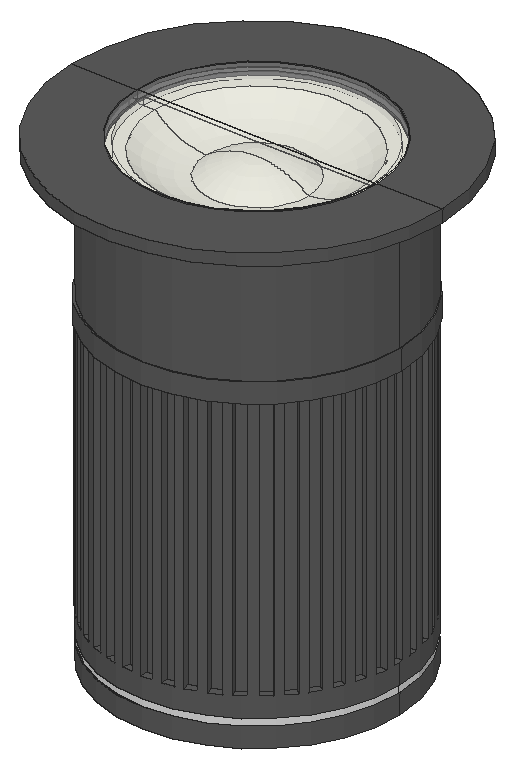
Revit family "STH7706_30", category Luminárias, Revit 2023
Family settings
  Hospedeiro = Piso
  Cota do conector redondo = Utilizar diâmetro
  Tipo de parte = Normal
  Sempre na vertical = Sim
  Corte com vazios quando carregada = Sim
  Fonte luminosa = Sim
  Manter orientação da anotação = Não
  Compartilhado = Não
  Ponto de cálculo do ambiente = Não
Parameters (values of type "STH7706/30 - BIVOLT")
  Ângulo de inclinação = -90.00°
  Ângulo de Abertura = "30°"
  Wattage = 2.15427 W
  Vidro = Vidro
  URL = "https://stella.com.br/"
  Troca de temperatura da cor de lâmpada com esmaecimento = <Nenhum>
  Tensão Elétrica = "100V-240V"
  built-in parameter 1150107 = 3000 (stored number, unit not read)
  Temperatura da cor (K) = 3000 K
  Silicone = Borracha Silicone
  Referência = "STH7706/30"
  Potência = 5 W
  built-in parameter 1150110 = 1 (stored number, unit not read)
  built-in parameter 1150109 = 1 (stored number, unit not read)
  built-in parameter 1114218 = 1 (stored number, unit not read)
  built-in parameter 1150112 = 1 (stored number, unit not read)
  built-in parameter 1150113 = 1 (stored number, unit not read)
  built-in parameter 1150142 = "IESNA:LM-63-2002\r\n[TEST] Viso LabSpion - serial: 0680502858 sensor serial: 0945471843\r\n[TESTLAB] Viso LabSpion - serial: 0680502858 sensor serial: 0945471843 - Test lab\r\n[MANUFAC] N/A\r\n[ISSUEDATE] 28/10/2019\r\n[LUMINAIRE] STELLA - STH7706/30 - FOCCO 30° 5W\r\n[LUMCAT] N/A\r\n[_SERIALNUMBER] VFR-191028-2181-MS\r\nTILT=NONE\r\n1 311 1 181 9 1 2 0 0 0\r\n1.0 1.0 4.54\r\n0 1 2 3 4 5 6 7 8 9 10 11 12 13 14 15 16 17 18 19 20 21 22 23 24 25 26 27 28 29 30 31 32 33 34 35 36 37 38 39 40 41 42 43 44 45 46 47 48 49 50 51 52 53 54 55 56 57 58 59 60 61 62 63 64 65 66 67 68 69 70 71 72 73 74 75 76 77 78 79 80\r\n 81 82 83 84 85 86 87 88 89 90 91 92 93 94 95 96 97 98 99 100 101 102 103 104 105 106 107 108 109 110 111 112 113 114 115 116 117 118 119 120 121 122 123 124 125 126 127 128 129 130 131 132 133 134 135 136 137 138 139 140 141 142 143\r\n 144 145 146 147 148 149 150 151 152 153 154 155 156 157 158 159 160 161 162 163 164 165 166 167 168 169 170 171 172 173 174 175 176 177 178 179 180\r\n0 45 90 135 180 225 270 315 360 \r\n1153.6315 1153.2788 1146.6272 1132.4139 1106.5133 1068.7607 1019.3267 957.5249 887.7401 812.6593 738.6121 668.1091 599.5132 536.9813 476.5457 422.4468 376.207 336.0536 302.4696 274.7859 250.2204 228.8304 209.5594 192.8639 177.5214\r\n 162.9468 149.02 135.03 121.5523 109.0164 97.6735 87.164 77.3769 68.947 61.4623 54.4858 48.1021 42.3354 37.2467 33.3363 30.2165 27.8834 25.8041 24.07 22.4341 21.1773 19.9137 18.4435 17.2411 16.0454 14.8015 13.7179 12.7469 11.9417 10.9825\r\n 10.0866 9.2604 8.3927 8.0151 7.1495 6.2867 5.8409 5.4443 4.7853 4.2322 3.7903 3.3963 3.1589 3.0065 2.8455 2.7385 2.5545 2.2738 2.1589 1.9463 1.7245 1.4256 1.3707 1.2606 0.9604 1.0188 0.9753 0.8139 0.6523 0.6275 0.603 0.4913 0.4473\r\n 0.4047 0.4333 0.3271 0.2245 0.3318 0.3631 0.361 0.4322 0.3608 0.3776 0.424 0.4507 0.4859 0.4179 0.3773 0.3356 0.4274 0.4036 0 0 0 0 0 0 0 0 0 0 0 0 0 0 0 0 0 0 0 0 0 0 0 0 0 0 0 0 0 0 0 0 0 0 0 0 0 0 0 0 0 0 0 0 0 0 0 0 0 0 0 0 0\r\n 0 0 0 0 0 0 0 0 0 0 0 0 0 0 0 0 0 0 0 0 0 0\r\n1153.6315 1156.1088 1145.4391 1128.3636 1102.8699 1067.0349 1019.6383 957.9495 884.0333 806.8849 729.7393 655.5311 586.2174 522.4473 464.3479 411.9801 365.8395 325.1938 289.8398 260.0909 234.2798 211.7467 192.3616 175.1298 159.0296\r\n 144.5435 131.492 118.9704 106.5982 95.0039 84.8228 75.4413 66.9479 59.6515 53.3081 47.5504 42.4247 37.8173 34.0764 30.9231 28.2396 26.4295 24.3525 22.8993 21.7008 19.9624 18.5036 17.1397 16.0172 15.0265 14.0046 12.9674 11.932 11.2812\r\n 10.4722 9.6457 8.7548 7.9758 7.4453 6.745 6.1562 5.709 5.1155 4.6188 4.2811 3.9015 3.5493 3.2658 3.103 2.9122 2.6524 2.2818 2.0122 1.8992 1.8866 1.7289 1.7198 1.5518 1.2972 0.9663 0.8341 0.8918 0.7525 0.791 0.6163 0.5081 0.5743 0.4704\r\n 0.315 0.382 0.4376 0.3247 0.3661 0.507 0.3924 0.3442 0.2989 0.4443 0.3346 0.3992 0.411 0.4183 0.4321 0.3348 0.3168 0.1672 0 0 0 0 0 0 0 0 0 0 0 0 0 0 0 0 0 0 0 0 0 0 0 0 0 0 0 0 0 0 0 0 0 0 0 0 0 0 0 0 0 0 0 0 0 0 0 0 0 0 0 0 0 0\r\n 0 0 0 0 0 0 0 0 0 0 0 0 0 0 0 0 0 0 0 0 0\r\n1153.6315 1161.4717 1151.3066 1132.6936 1105.2271 1067.7354 1020.179 960.5773 886.7321 807.5344 727.5975 651.3357 579.0128 512.8495 454.2499 402.2218 356.0015 313.833 276.1192 242.8823 212.6844 187.0526 165.4177 145.9819 128.8069 113.609\r\n 100.2318 88.5881 78.1212 68.9046 61.1245 53.8438 47.0957 40.937 35.6502 31.2739 27.7635 25.0473 22.8419 21.0405 19.5328 18.4663 17.2422 16.2872 15.4897 14.4828 13.8642 13.2314 12.7046 11.8098 11.2002 10.359 10.008 9.8642 8.8944 8.594\r\n 8.2257 7.3992 7.0387 6.4086 6.0592 5.6513 5.125 4.7346 4.4063 3.8845 3.6108 3.2617 3.0477 2.6215 2.4036 2.4421 2.2231 1.9334 1.6279 1.6009 1.4546 1.2642 1.1551 1.0626 0.984 0.9048 0.83 0.7911 0.642 0.5082 0.4568 0.5085 0.4676 0.3917\r\n 0.4191 0.4378 0.4155 0.399 0.4754 0.3963 0.4632 0.3688 0.3861 0.4446 0.4272 0.4476 0.3363 0.2833 0.3518 0.3212 0 0 0 0 0 0 0 0 0 0 0 0 0 0 0 0 0 0 0 0 0 0 0 0 0 0 0 0 0 0 0 0 0 0 0 0 0 0 0 0 0 0 0 0 0 0 0 0 0 0 0 0 0 0 0 0 0 0 0 0\r\n 0 0 0 0 0 0 0 0 0 0 0 0 0 0 0\r\n1153.6315 1132.8801 1111.547 1080.657 1039.9962 986.6181 922.3205 850.6584 773.0618 695.8438 623.0975 555.4742 493.7152 437.5084 388.5163 344.7322 303.7578 268.4221 237.813 210.754 187.6875 167.5772 149.9276 135.0172 121.1094 108.3079\r\n 96.6366 85.8153 76.0757 67.481 60.114 53.6822 47.4573 41.6032 36.4371 31.9352 27.9919 25.2714 22.8603 20.983 19.4056 18.304 17.2939 16.3631 15.4433 14.5682 13.8931 13.1118 12.3296 11.5034 11.0792 10.4832 9.9328 9.3854 8.7523 8.1841\r\n 7.4302 6.9465 6.6577 5.9838 5.5411 5.1671 4.4635 4.1994 3.7324 3.2138 3.0683 2.842 2.949 2.3698 2.2846 2.1046 1.9093 1.705 1.5797 1.4918 1.3037 1.1434 1.0761 0.8728 0.677 0.668 0.5739 0.5652 0.6251 0.6208 0.4113 0.4027 0.3968 0.3954\r\n 0.4585 0.4513 0.3642 0.3765 0.3701 0.3869 0.3896 0.3649 0.3967 0.4529 0.4503 0.387 0.5278 0.4779 0.5289 0.3342 0 0 0 0 0 0 0 0 0 0 0 0 0 0 0 0 0 0 0 0 0 0 0 0 0 0 0 0 0 0 0 0 0 0 0 0 0 0 0 0 0 0 0 0 0 0 0 0 0 0 0 0 0 0 0 0 0 0 0 0\r\n 0 0 0 0 0 0 0 0 0 0 0 0 0 0 0\r\n1153.6315 1146.1307 1130.7388 1106.8243 1071.8676 1025.9535 969.7051 906.5657 835.3378 761.3889 690.14 622.1818 558.5232 497.933 442.6736 394.5328 351.1715 312.756 280.8767 252.9462 229.2743 209.4118 192.0735 176.3739 161.2746 147.3923\r\n 134.3233 121.6088 109.4834 98.0629 87.5452 78.0071 69.5044 61.8911 55.1143 48.8544 42.9558 37.567 33.3416 29.986 27.5216 25.1941 23.2475 21.8059 20.3515 18.9655 17.8026 16.7448 15.3511 14.1291 13.4085 12.6399 11.3852 10.6906 9.8693\r\n 8.6568 8.1796 7.6063 6.9916 6.3654 5.9136 5.5197 4.8167 4.1913 3.7719 3.5291 3.1848 3.0692 2.9175 2.6268 2.3708 2.1254 2.0496 2.0172 1.7338 1.5233 1.4251 1.4275 1.2094 1.0549 0.9505 0.7498 0.6162 0.5567 0.5049 0.4624 0.5692 0.4829\r\n 0.5156 0.5125 0.4086 0.4625 0.4041 0.2433 0.2427 0.4246 0.392 0.3705 0.3828 0.3912 0.435 0.3637 0.3627 0.347 0.3324 0.3698 0 0 0 0 0 0 0 0 0 0 0 0 0 0 0 0 0 0 0 0 0 0 0 0 0 0 0 0 0 0 0 0 0 0 0 0 0 0 0 0 0 0 0 0 0 0 0 0 0 0 0 0 0 0\r\n 0 0 0 0 0 0 0 0 0 0 0 0 0 0 0 0 0 0 0 0 0\r\n1153.6315 1149.3195 1132.5496 1107.5612 1070.5449 1021.9287 962.8441 895.2469 823.1248 748.0366 673.5905 604.6724 540.777 480.8392 427.1006 380.019 337.3606 300.3413 268.7369 239.919 215.4324 194.8115 177.3613 161.5013 146.945 133.5594\r\n 120.2038 107.873 96.3758 85.7424 76.2327 67.7195 59.9967 53.0573 46.8311 41.361 36.5597 32.6284 29.3653 26.7273 24.7195 23.1734 21.6336 20.1447 18.7582 17.2306 16.1687 15.2155 14.221 13.3527 12.4551 11.6486 10.8452 9.8777 9.1215 8.2804\r\n 7.7105 6.9738 6.745 6.1139 5.597 4.8516 4.3178 3.8731 3.7066 3.516 3.1849 2.9757 2.7673 2.306 2.3177 2.2096 2.1994 1.7923 1.7042 1.5259 1.4421 1.2059 0.9541 0.9389 0.7215 0.4823 0.6505 0.6347 0.5321 0.55 0.5715 0.6039 0.5118 0.3853\r\n 0.3499 0.326 0.3107 0.4303 0.4065 0.2909 0.3706 0.422 0.4148 0.342 0.3058 0.3338 0.3742 0.3682 0.2996 0.3634 0 0 0 0 0 0 0 0 0 0 0 0 0 0 0 0 0 0 0 0 0 0 0 0 0 0 0 0 0 0 0 0 0 0 0 0 0 0 0 0 0 0 0 0 0 0 0 0 0 0 0 0 0 0 0 0 0 0 0 0 0\r\n 0 0 0 0 0 0 0 0 0 0 0 0 0 0\r\n1153.6315 1141.8599 1117.8405 1083.8699 1039.4535 983.4611 915.4742 838.3505 760.1216 681.851 607.5083 541.7869 481.4806 426.6258 377.5092 334.0992 296.0207 262.0643 230.5238 202.4281 177.1366 155.3022 136.9862 120.993 106.7295 93.5975\r\n 81.3668 70.6967 61.5981 53.5747 46.645 40.7723 35.7231 31.5455 28.2172 25.6369 23.3554 21.4635 19.652 18.2486 17.1387 16.2301 15.2742 14.2042 13.6234 12.9805 12.4436 11.6985 11.3696 10.8417 10.1478 9.8019 9.4113 8.7965 8.3775 7.6559\r\n 7.0637 6.5532 6.1428 5.6231 5.2168 4.6133 4.0402 3.9226 3.6268 3.3349 3.1508 2.8207 2.4987 2.484 2.2793 2.118 1.8888 1.7466 1.5854 1.4216 1.2831 1.293 1.1032 0.9312 0.9217 0.7172 0.6653 0.6381 0.5032 0.4691 0.4563 0.363 0.3922 0.368\r\n 0.3385 0.3492 0.3875 0.3917 0.406 0.4468 0.4463 0.4201 0.4356 0.3433 0.3959 0.4103 0.3179 0.323 0.4153 0.3538 0 0 0 0 0 0 0 0 0 0 0 0 0 0 0 0 0 0 0 0 0 0 0 0 0 0 0 0 0 0 0 0 0 0 0 0 0 0 0 0 0 0 0 0 0 0 0 0 0 0 0 0 0 0 0 0 0 0 0 0\r\n 0 0 0 0 0 0 0 0 0 0 0 0 0 0 0\r\n1153.6315 1153.5824 1149.608 1135.6107 1110.5103 1073.3116 1023.3078 960.1147 889.9871 815.317 738.9904 664.2277 591.771 525.764 466.48 413.7556 366.9451 326.0882 290.6643 258.4407 228.6175 203.095 181.5212 162.8475 146.2572 131.3185\r\n 117.8523 105.4901 94.0078 83.3815 73.9972 65.4722 57.7599 50.4919 44.0909 38.7474 34.0418 30.282 27.2021 24.5808 22.9652 21.1898 19.7548 18.6415 17.5886 16.7067 15.6515 14.877 14.159 13.558 12.3471 11.8049 11.0826 10.5598 9.7552 9.2\r\n 8.2882 8.0008 7.1441 6.5759 6.0533 5.7836 5.166 4.5283 4.0862 3.8412 3.482 3.1731 3.0204 2.8822 2.6497 2.3492 2.2179 2.0997 1.8152 1.6214 1.5344 1.4849 1.3205 1.1918 1.0174 0.865 0.7901 0.6624 0.6548 0.5914 0.4673 0.5575 0.5646 0.4425\r\n 0.3646 0.4823 0.421 0.4757 0.4584 0.3558 0.4628 0.3529 0.4173 0.3447 0.4889 0.3666 0.3928 0.3356 0.4382 0.3062 0 0 0 0 0 0 0 0 0 0 0 0 0 0 0 0 0 0 0 0 0 0 0 0 0 0 0 0 0 0 0 0 0 0 0 0 0 0 0 0 0 0 0 0 0 0 0 0 0 0 0 0 0 0 0 0 0 0 0 0\r\n 0 0 0 0 0 0 0 0 0 0 0 0 0 0 0\r\n1153.6315 1153.2788 1146.6272 1132.4139 1106.5133 1068.7607 1019.3267 957.5249 887.7401 812.6593 738.6121 668.1091 599.5132 536.9813 476.5457 422.4468 376.207 336.0536 302.4696 274.7859 250.2204 228.8304 209.5594 192.8639 177.5214\r\n 162.9468 149.02 135.03 121.5523 109.0164 97.6735 87.164 77.3769 68.947 61.4623 54.4858 48.1021 42.3354 37.2467 33.3363 30.2165 27.8834 25.8041 24.07 22.4341 21.1773 19.9137 18.4435 17.2411 16.0454 14.8015 13.7179 12.7469 11.9417 10.9825\r\n 10.0866 9.2604 8.3927 8.0151 7.1495 6.2867 5.8409 5.4443 4.7853 4.2322 3.7903 3.3963 3.1589 3.0065 2.8455 2.7385 2.5545 2.2738 2.1589 1.9463 1.7245 1.4256 1.3707 1.2606 0.9604 1.0188 0.9753 0.8139 0.6523 0.6275 0.603 0.4913 0.4473\r\n 0.4047 0.4333 0.3271 0.2245 0.3318 0.3631 0.361 0.4322 0.3608 0.3776 0.424 0.4507 0.4859 0.4179 0.3773 0.3356 0.4274 0.4036 0 0 0 0 0 0 0 0 0 0 0 0 0 0 0 0 0 0 0 0 0 0 0 0 0 0 0 0 0 0 0 0 0 0 0 0 0 0 0 0 0 0 0 0 0 0 0 0 0 0 0 0 0\r\n 0 0 0 0 0 0 0 0 0 0 0 0 0 0 0 0 0 0 0 0 0 0\r\n"
  built-in parameter 1150132 = 2
  built-in parameter 1150137 = (empty or 0)
  Modelo = "Focco 30°"
  Luminoso = Luminoso - 3000K
  built-in parameter 1150106 = 11.951 (stored number, unit not read)
  built-in parameter 1150102 = (empty or 0)
  built-in parameter 1150105 = 1195.1 (stored number, unit not read)
  IRC (Índice de reprodução de cores) = ">80"
  Grau de proteção (IP) = "IP67"
  Fluxo Luminoso = 320 lm
  Color Filter = 16777215
  built-in parameter 1114217 = 1 (stored number, unit not read)
  built-in parameter 1150139 = (empty or 0)
  Fabricante = "Stella"
  Estrutura = Al - Preto
  Default Elevation = 0 m
  built-in parameter 1150104 = 13.8 (stored number, unit not read)
  Diâmetro = 0.065 m
  Dimerização = "Não dimerizável"
  built-in parameter 1150115 = 1 (stored number, unit not read)
  built-in parameter 1150114 = 1 (stored number, unit not read)
  Lumens = 320 lm
  built-in parameter 1150138 = (empty or 0)
  built-in parameter 1150134 = (empty or 0)
  Arquivo de rede fotométrica = "STELLA - STH7706-30 - FOCCO 30° 5W.ies"
  Altura = 0.082 m
  built-in parameter 1150133 = 10 (stored number, unit not read)
Reference planes (m)
  plane 1 "Centro (Frente/Trás)": y = 0
  plane 2: z = 0
  plane 3 "Centro (Esquerda/Direita)": x = 0
  plane 4: y = 0.0325
  plane 5: y = -0.0325
  plane 6: x = -0.0325
  plane 7: x = 0.0325
  plane 8: z = 0.0021
  plane 9 "Inferior": z = -0.0799
Forms (m)
  Revolve 1, solid, material "Al - Preto" <- "Estrutura"
    sketch origin (0, 0, 0) x (1, 0, 0) y (0, 0, 1)
      loop
        line (0.025, -0.0799) -> (0.025, -0.0257) -> (0.02102, -0.0257) -> (0.02102, -0.077202) -> (0, -0.077202) -> (0, -0.0799) -> (0.025, -0.0799)
      axis (0, -0.0257) -> (0, -0.0799)
    angle from 0 to 360
  Extrusion 2, void
    sketch origin (0, 0, 0) x (1, 0, 0) y (0, 1, 0)
      loop
        line (-0.018744, 0.017007) -> (-0.017546, 0.01592) -> (-0.016206, 0.01726) -> (-0.017312, 0.018438) -> (-0.018744, 0.017007)
      loop
        line (-0.016194, 0.01945) -> (-0.015159, 0.018207) -> (-0.013646, 0.019347) -> (-0.014578, 0.020668) -> (-0.016194, 0.01945)
      loop
        line (-0.01333, 0.021515) -> (-0.012478, 0.02014) -> (-0.01082, 0.021058) -> (-0.011559, 0.022496) -> (-0.01333, 0.021515)
      loop
        line (-0.010206, 0.023161) -> (-0.009553, 0.02168) -> (-0.007784, 0.022359) -> (-0.008316, 0.023886) -> (-0.010206, 0.023161)
      loop
        line (-0.006883, 0.024356) -> (-0.006443, 0.022799) -> (-0.004597, 0.023225) -> (-0.004911, 0.024811) -> (-0.006883, 0.024356)
      loop
        line (-0.003426, 0.025076) -> (-0.003207, 0.023473) -> (-0.00132, 0.023639) -> (-0.00141, 0.025253) -> (-0.003426, 0.025076)
      loop
        line (0.000097, 0.025309) -> (0.000091, 0.023691) -> (0.001983, 0.023592) -> (0.002118, 0.025203) -> (0.000097, 0.025309)
      loop
        line (0.003618, 0.025049) -> (0.003387, 0.023448) -> (0.005247, 0.023087) -> (0.005605, 0.024663) -> (0.003618, 0.025049)
      loop
        line (0.007069, 0.024302) -> (0.006617, 0.022749) -> (0.008409, 0.022132) -> (0.008983, 0.023643) -> (0.007069, 0.024302)
      loop
        line (0.010383, 0.023082) -> (0.009719, 0.021606) -> (0.011407, 0.020746) -> (0.012186, 0.022163) -> (0.010383, 0.023082)
      loop
        line (0.013494, 0.021412) -> (0.012631, 0.020043) -> (0.014184, 0.018956) -> (0.015152, 0.020251) -> (0.013494, 0.021412)
      loop
        line (0.016343, 0.019326) -> (0.015298, 0.01809) -> (0.016684, 0.016798) -> (0.017823, 0.017945) -> (0.016343, 0.019326)
      loop
        line (0.021037, 0.014072) -> (0.019692, 0.013173) -> (0.020668, 0.011549) -> (0.022079, 0.012337) -> (0.021037, 0.014072)
      loop
        line (0.018873, 0.016863) -> (0.017667, 0.015785) -> (0.018859, 0.014313) -> (0.020147, 0.01529) -> (0.018873, 0.016863)
      loop
        line (0.02279, 0.011008) -> (0.021333, 0.010304) -> (0.022074, 0.00856) -> (0.023581, 0.009144) -> (0.02279, 0.011008)
      loop
        line (0.024942, 0.004299) -> (0.023347, 0.004025) -> (0.023578, 0.002144) -> (0.025188, 0.00229) -> (0.024942, 0.004299)
      loop
        line (0.0241, 0.007729) -> (0.02256, 0.007235) -> (0.02305, 0.005404) -> (0.024624, 0.005774) -> (0.0241, 0.007729)
      loop
        line (0.025297, 0.000786) -> (0.02368, 0.000736) -> (0.023647, -0.001158) -> (0.025262, -0.001237) -> (0.025297, 0.000786)
      loop
        line (0.024534, -0.006217) -> (0.022966, -0.00582) -> (0.022412, -0.007631) -> (0.023942, -0.008153) -> (0.024534, -0.006217)
      loop
        line (0.02516, -0.002742) -> (0.023552, -0.002567) -> (0.023256, -0.004438) -> (0.024844, -0.004741) -> (0.02516, -0.002742)
      loop
        line (0.02343, -0.009571) -> (0.021932, -0.008959) -> (0.021131, -0.010676) -> (0.022575, -0.011405) -> (0.02343, -0.009571)
      loop
        line (0.019884, -0.015658) -> (0.018613, -0.014657) -> (0.01737, -0.016087) -> (0.018556, -0.017186) -> (0.019884, -0.015658)
      loop
        line (0.02187, -0.012739) -> (0.020472, -0.011924) -> (0.01944, -0.013513) -> (0.020768, -0.014436) -> (0.02187, -0.012739)
      loop
        line (0.017512, -0.018273) -> (0.016392, -0.017105) -> (0.014962, -0.018348) -> (0.015984, -0.019601) -> (0.017512, -0.018273)
      loop
        line (0.011796, -0.022392) -> (0.011042, -0.020961) -> (0.009325, -0.021762) -> (0.009962, -0.023248) -> (0.011796, -0.022392)
      loop
        line (0.014798, -0.020533) -> (0.013852, -0.01922) -> (0.012263, -0.020252) -> (0.0131, -0.021635) -> (0.014798, -0.020533)
      loop
        line (0.008565, -0.023816) -> (0.008018, -0.022294) -> (0.006206, -0.022848) -> (0.006629, -0.024408) -> (0.008565, -0.023816)
      loop
        line (0.001669, -0.025254) -> (0.001562, -0.02364) -> (-0.000332, -0.023673) -> (-0.000355, -0.02529) -> (0.001669, -0.025254)
      loop
        line (0.005167, -0.024776) -> (0.004837, -0.023193) -> (0.002965, -0.023489) -> (0.003168, -0.025093) -> (0.005167, -0.024776)
      loop
        line (-0.001862, -0.025241) -> (-0.001743, -0.023627) -> (-0.003624, -0.023396) -> (-0.003871, -0.024994) -> (-0.001862, -0.025241)
      loop
        line (-0.008747, -0.02375) -> (-0.008188, -0.022232) -> (-0.009932, -0.021491) -> (-0.010611, -0.022959) -> (-0.008747, -0.02375)
      loop
        line (-0.005357, -0.024736) -> (-0.005015, -0.023155) -> (-0.006845, -0.022664) -> (-0.007312, -0.024212) -> (-0.005357, -0.024736)
      loop
        line (-0.011968, -0.022301) -> (-0.011203, -0.020876) -> (-0.012827, -0.0199) -> (-0.013703, -0.021259) -> (-0.011968, -0.022301)
      loop
        line (-0.017651, -0.018139) -> (-0.016523, -0.016979) -> (-0.017815, -0.015593) -> (-0.019031, -0.016658) -> (-0.017651, -0.018139)
      loop
        line (-0.014955, -0.020419) -> (-0.013999, -0.019113) -> (-0.015471, -0.017921) -> (-0.016528, -0.019145) -> (-0.014955, -0.020419)
      loop
        line (-0.020004, -0.015505) -> (-0.018725, -0.014514) -> (-0.019812, -0.012962) -> (-0.021165, -0.013847) -> (-0.020004, -0.015505)
      loop
        line (-0.023503, -0.009391) -> (-0.022, -0.008791) -> (-0.022617, -0.006999) -> (-0.024162, -0.007477) -> (-0.023503, -0.009391)
      loop
        line (-0.021967, -0.012571) -> (-0.020563, -0.011767) -> (-0.021423, -0.010079) -> (-0.022886, -0.010767) -> (-0.021967, -0.012571)
      loop
        line (-0.024581, -0.006029) -> (-0.02301, -0.005643) -> (-0.023371, -0.003783) -> (-0.024967, -0.004042) -> (-0.024581, -0.006029)
      loop
        line (-0.02529, 0.00098) -> (-0.023674, 0.000918) -> (-0.023509, 0.002805) -> (-0.025114, 0.002997) -> (-0.02529, 0.00098)
      loop
        line (-0.025181, -0.002549) -> (-0.023571, -0.002386) -> (-0.02367, -0.000494) -> (-0.025287, -0.000528) -> (-0.025181, -0.002549)
      loop
        line (-0.024908, 0.00449) -> (-0.023316, 0.004203) -> (-0.022889, 0.00605) -> (-0.024453, 0.006463) -> (-0.024908, 0.00449)
      loop
        line (-0.022705, 0.011182) -> (-0.021254, 0.010467) -> (-0.020335, 0.012124) -> (-0.021724, 0.012952) -> (-0.022705, 0.011182)
      loop
        line (-0.024041, 0.007913) -> (-0.022504, 0.007407) -> (-0.021825, 0.009176) -> (-0.023315, 0.009803) -> (-0.024041, 0.007913)
      loop
        line (-0.020928, 0.014233) -> (-0.01959, 0.013323) -> (-0.01845, 0.014837) -> (-0.01971, 0.01585) -> (-0.020928, 0.014233)
    from -0.071649 to -0.0257
  Revolve 3, void
    sketch origin (0, 0, 0) x (1, 0, 0) y (0, 0, 1)
      loop
        line (0.02357, -0.0752) -> (0.02357, -0.0764) -> (0.026276, -0.0764) -> (0.026276, -0.0752) -> (0.02357, -0.0752)
      axis (0, -0.0764) -> (0, -0.0752)
    angle from 0 to 360
  Revolve 4, solid, material "Borracha Silicone" <- "Silicone"
    sketch origin (0, 0, 0) x (1, 0, 0) y (0, 0, 1)
      loop
        line (0.02487, -0.0752) -> (0.02357, -0.0752) -> (0.02357, -0.0764) -> (0.02487, -0.0764) -> (0.02487, -0.0752)
      axis (0, -0.0752) -> (0, -0.0764)
    angle from 0 to 360
  Revolve 5, solid, material "Al - Preto" <- "Estrutura"
    sketch origin (0, 0, 0) x (1, 0, 0) y (0, 0, 1)
      loop
        line (0.02532, -0.0257) -> (0.02532, -0.0222) -> (0.02102, -0.0222) -> (0.02102, -0.0257) -> (0.02532, -0.0257)
      axis (0, -0.0222) -> (0, -0.0257)
    angle from 0 to 360
  Revolve 6, solid, material "Vidro" <- "Vidro"
    sketch origin (0, 0, 0) x (1, 0, 0) y (0, 0, 1)
      loop
        line (0.0199, -0.0001) -> (0.02095, -0.0001) -> (0.02095, -0.015) -> (0.02225, -0.015) -> (0.02225, 0.0005) -> (0.0209, 0.0005) -> (0.0209, 0.0021) -> (0, 0.0021) -> (0, 0.0013) -> (0.0199, 0.0013) -> (0.0199, -0.0001)
      axis (0, 0.0021) -> (0, -0.015)
    angle from 0 to 360
  Revolve 7, solid, material "Luminoso - 3000K" <- "Luminoso"
    sketch origin (0, 0, 0) x (1, 0, 0) y (0, 0, 1)
      loop
        line (0.02095, 0) -> (0.0179, 0)
        arc (0.0179, 0) -> (0.013809, -0.002798) -> (0.009, -0.004) r 0.014043
        arc (0.009, -0.004) -> (0.004743, -0.00177) -> (0, -0.001) r 0.015
        line (0, -0.001) -> (0, -0.008) -> (0.006, -0.008) -> (0.006, -0.0122) -> (0.0075, -0.0122) -> (0.0075, -0.0137) -> (0.01025, -0.0137)
        arc (0.01025, -0.0137) -> (0.015246, -0.008254) -> (0.01775, -0.0013) r 0.018757
        line (0.01775, -0.0013) -> (0.02095, -0.0013) -> (0.02095, 0)
      axis (0, 0) -> (0, -0.0137)
    angle from 0 to 360
  Revolve 8, void
    sketch origin (0, 0, 0) x (1, 0, 0) y (0, 0, 1)
      loop
        line (0.025, 0) -> (0, 0) -> (0, -0.0799) -> (0.025, -0.0799) -> (0.025, 0)
      axis (0, 0) -> (0, -0.0799)
    angle from 0 to 360
  Revolve 9, solid, material "Al - Preto" <- "Estrutura"
    sketch origin (0, 0, 0) x (1, 0, 0) y (0, 0, 1)
      loop
        line (0.025, 0) -> (0.0325, 0) -> (0.0325, 0.0021) -> (0.0211, 0.0021) -> (0.0211, 0.0013) -> (0.0226, 0.0013) -> (0.0226, -0.0222) -> (0.025, -0.0222) -> (0.025, 0)
      axis (0, 0.0021) -> (0, -0.0222)
    angle from 0 to 360
Cuts and joins
  Extrusion 2, Revolve 3 cuts Revolve 1
  joined: Revolve 5, Revolve 9
Dimensions and locks (m)
  "Diâmetro": plane 4 to plane 5
  "Altura": plane 8 to plane 9 "Inferior"
  aligned and locked: plane 2 to level
Automatic sketch dimensions
  Extrusion 2 sketch curve to plane 1 "Centro (Frente/Trás)" = 0.00098 m
  plane 6 to Extrusion 2 sketch curve = 0.00721 m
  plane 1 "Centro (Frente/Trás)" to Extrusion 2 sketch curve = 0.000528 m
  Extrusion 2 sketch curve to Extrusion 2 sketch curve = 0.000004 m  (x2)
  plane 1 "Centro (Frente/Trás)" to Extrusion 2 sketch curve = 0.002549 m
  Extrusion 2 sketch curve to Extrusion 2 sketch curve = 0.000106 m
  Extrusion 2 sketch curve to plane 1 "Centro (Frente/Trás)" = 0.002997 m
  Extrusion 2 sketch curve to Extrusion 2 sketch curve = 0.000176 m
  Extrusion 2 sketch curve to Extrusion 2 sketch curve = 0.000214 m
  Extrusion 2 sketch curve to Extrusion 2 sketch curve = 0.000206 m
  Extrusion 2 sketch curve to Extrusion 2 sketch curve = 0.000386 m  (x2)
  Extrusion 2 sketch curve to Extrusion 2 sketch curve = 0.000455 m
  Extrusion 2 sketch curve to Extrusion 2 sketch curve = 0.000419 m
  Extrusion 2 sketch curve to Extrusion 2 sketch curve = 0.000412 m
  Extrusion 2 sketch curve to plane 1 "Centro (Frente/Trás)" = 0.000918 m
  Extrusion 2 sketch curve to Extrusion 2 sketch curve = 0.001617 m  (x2)
  plane 1 "Centro (Frente/Trás)" to Extrusion 2 sketch curve = 0.000494 m
  plane 1 "Centro (Frente/Trás)" to Extrusion 2 sketch curve = 0.002386 m
  Extrusion 2 sketch curve to Extrusion 2 sketch curve = 0.00161 m  (x2)
  Extrusion 2 sketch curve to plane 1 "Centro (Frente/Trás)" = 0.002805 m
  Extrusion 2 sketch curve to Extrusion 2 sketch curve = 0.001605 m
  Extrusion 2 sketch curve to Extrusion 2 sketch curve = 0.000659 m
  plane 1 "Centro (Frente/Trás)" to Extrusion 2 sketch curve = 0.003783 m
  Extrusion 2 sketch curve to Extrusion 2 sketch curve = 0.0002 m
  Extrusion 2 sketch curve to plane 1 "Centro (Frente/Trás)" = 0.004203 m
  Extrusion 2 sketch curve to Extrusion 2 sketch curve = 0.000193 m
  Extrusion 2 sketch curve to Extrusion 2 sketch curve = 0.000725 m
  Extrusion 2 sketch curve to Extrusion 2 sketch curve = 0.001571 m
  Extrusion 2 sketch curve to Extrusion 2 sketch curve = 0.001563 m
  Extrusion 2 sketch curve to Extrusion 2 sketch curve = 0.000617 m  (x2)
  Extrusion 2 sketch curve to Extrusion 2 sketch curve = 0.00061 m
  Extrusion 2 sketch curve to Extrusion 2 sketch curve = 0.000392 m
  Extrusion 2 sketch curve to Extrusion 2 sketch curve = 0.001502 m
  Extrusion 2 sketch curve to Extrusion 2 sketch curve = 0.000919 m  (x2)
  Extrusion 2 sketch curve to Extrusion 2 sketch curve = 0.00149 m
  Extrusion 2 sketch curve to Extrusion 2 sketch curve = 0.000981 m
  Extrusion 2 sketch curve to Extrusion 2 sketch curve = 0.000577 m
  Extrusion 2 sketch curve to Extrusion 2 sketch curve = 0.000571 m
  Extrusion 2 sketch curve to Extrusion 2 sketch curve = 0.000802 m
  Extrusion 2 sketch curve to Extrusion 2 sketch curve = 0.000796 m
  Extrusion 2 sketch curve to Extrusion 2 sketch curve = 0.001404 m  (x2)
  Extrusion 2 sketch curve to Extrusion 2 sketch curve = 0.001389 m  (x2)
  Extrusion 2 sketch curve to Extrusion 2 sketch curve = 0.001161 m
  Extrusion 2 sketch curve to Extrusion 2 sketch curve = 0.000751 m  (x2)
  Extrusion 2 sketch curve to Extrusion 2 sketch curve = 0.001218 m  (x2)
  Extrusion 2 sketch curve to Extrusion 2 sketch curve = 0.000745 m
  Extrusion 2 sketch curve to Extrusion 2 sketch curve = 0.000972 m
  Extrusion 2 sketch curve to Extrusion 2 sketch curve = 0.000966 m
  Extrusion 2 sketch curve to Extrusion 2 sketch curve = 0.001279 m
  Extrusion 2 sketch curve to Extrusion 2 sketch curve = 0.00126 m
  Extrusion 2 sketch curve to Extrusion 2 sketch curve = 0.00091 m
  Extrusion 2 sketch curve to Extrusion 2 sketch curve = 0.00138 m  (x2)
  Extrusion 2 sketch curve to Extrusion 2 sketch curve = 0.000904 m
  Extrusion 2 sketch curve to Extrusion 2 sketch curve = 0.001431 m
  Extrusion 2 sketch curve to Extrusion 2 sketch curve = 0.001123 m
  Extrusion 2 sketch curve to Extrusion 2 sketch curve = 0.001128 m
  Extrusion 2 sketch curve to Extrusion 2 sketch curve = 0.001107 m
  Extrusion 2 sketch curve to Extrusion 2 sketch curve = 0.001118 m
  Extrusion 2 sketch curve to Extrusion 2 sketch curve = 0.001051 m
  Extrusion 2 sketch curve to Extrusion 2 sketch curve = 0.001047 m
  Extrusion 2 sketch curve to Extrusion 2 sketch curve = 0.001573 m
  Extrusion 2 sketch curve to Extrusion 2 sketch curve = 0.000956 m
  Extrusion 2 sketch curve to Extrusion 2 sketch curve = 0.001252 m
  Extrusion 2 sketch curve to Extrusion 2 sketch curve = 0.000932 m
  Extrusion 2 sketch curve to Extrusion 2 sketch curve = 0.001248 m  (x2)
  Extrusion 2 sketch curve to Extrusion 2 sketch curve = 0.001172 m
  Extrusion 2 sketch curve to Extrusion 2 sketch curve = 0.001168 m
  Extrusion 2 sketch curve to Extrusion 2 sketch curve = 0.001735 m
  Extrusion 2 sketch curve to Extrusion 2 sketch curve = 0.00177 m
  Extrusion 2 sketch curve to Extrusion 2 sketch curve = 0.000765 m
  Extrusion 2 sketch curve to Extrusion 2 sketch curve = 0.000739 m
  Extrusion 2 sketch curve to Extrusion 2 sketch curve = 0.001357 m
  Extrusion 2 sketch curve to Extrusion 2 sketch curve = 0.001354 m
  Extrusion 2 sketch curve to Extrusion 2 sketch curve = 0.00127 m
  Extrusion 2 sketch curve to Extrusion 2 sketch curve = 0.001267 m
  Extrusion 2 sketch curve to Extrusion 2 sketch curve = 0.001863 m
  Extrusion 2 sketch curve to Extrusion 2 sketch curve = 0.00189 m
  Extrusion 2 sketch curve to Extrusion 2 sketch curve = 0.000559 m
  Extrusion 2 sketch curve to Extrusion 2 sketch curve = 0.000532 m  (x2)
  Extrusion 2 sketch curve to Extrusion 2 sketch curve = 0.001435 m
  Extrusion 2 sketch curve to Extrusion 2 sketch curve = 0.001433 m
  Extrusion 2 sketch curve to Extrusion 2 sketch curve = 0.001344 m
  Extrusion 2 sketch curve to Extrusion 2 sketch curve = 0.001341 m
  Extrusion 2 sketch curve to Extrusion 2 sketch curve = 0.001955 m
  Extrusion 2 sketch curve to Extrusion 2 sketch curve = 0.000342 m
  Extrusion 2 sketch curve to Extrusion 2 sketch curve = 0.001972 m
  Extrusion 2 sketch curve to Extrusion 2 sketch curve = 0.000314 m
  Extrusion 2 sketch curve to Extrusion 2 sketch curve = 0.001486 m  (x2)
  Extrusion 2 sketch curve to Extrusion 2 sketch curve = 0.001391 m
  Extrusion 2 sketch curve to Extrusion 2 sketch curve = 0.001484 m
  Extrusion 2 sketch curve to plane 3 "Centro (Esquerda/Direita)" = 0.001862 m
  Extrusion 2 sketch curve to Extrusion 2 sketch curve = 0.000119 m
  Extrusion 2 sketch curve to plane 3 "Centro (Esquerda/Direita)" = 0.00141 m
  Extrusion 2 sketch curve to plane 3 "Centro (Esquerda/Direita)" = 0.00132 m
  Extrusion 2 sketch curve to plane 3 "Centro (Esquerda/Direita)" = 0.000355 m
  Extrusion 2 sketch curve to plane 3 "Centro (Esquerda/Direita)" = 0.000332 m
  plane 3 "Centro (Esquerda/Direita)" to Extrusion 2 sketch curve = 0.000091 m
  plane 3 "Centro (Esquerda/Direita)" to Extrusion 2 sketch curve = 0.000097 m
  plane 3 "Centro (Esquerda/Direita)" to Extrusion 2 sketch curve = 0.001562 m
  Extrusion 2 sketch curve to Extrusion 2 sketch curve = 0.000107 m
  Extrusion 2 sketch curve to Extrusion 2 sketch curve = 0.001892 m
  Extrusion 2 sketch curve to Extrusion 2 sketch curve = 0.000135 m
  Extrusion 2 sketch curve to Extrusion 2 sketch curve = 0.001403 m
  Extrusion 2 sketch curve to Extrusion 2 sketch curve = 0.001499 m
  Extrusion 2 sketch curve to Extrusion 2 sketch curve = 0.0015 m
  Extrusion 2 sketch curve to Extrusion 2 sketch curve = 0.001871 m
  Extrusion 2 sketch curve to Extrusion 2 sketch curve = 0.00033 m
  Extrusion 2 sketch curve to Extrusion 2 sketch curve = 0.00186 m  (x2)
  Extrusion 2 sketch curve to Extrusion 2 sketch curve = 0.000358 m
  Extrusion 2 sketch curve to Extrusion 2 sketch curve = 0.001369 m  (x2)
  Extrusion 2 sketch curve to Extrusion 2 sketch curve = 0.00137 m
  Extrusion 2 sketch curve to Extrusion 2 sketch curve = 0.001462 m
  Extrusion 2 sketch curve to Extrusion 2 sketch curve = 0.001464 m
  Extrusion 2 sketch curve to Extrusion 2 sketch curve = 0.001812 m  (x2)
  Extrusion 2 sketch curve to Extrusion 2 sketch curve = 0.001792 m  (x2)
  Extrusion 2 sketch curve to Extrusion 2 sketch curve = 0.000548 m
  Extrusion 2 sketch curve to Extrusion 2 sketch curve = 0.000574 m
  Extrusion 2 sketch curve to Extrusion 2 sketch curve = 0.001307 m
  Extrusion 2 sketch curve to Extrusion 2 sketch curve = 0.00131 m
  Extrusion 2 sketch curve to Extrusion 2 sketch curve = 0.001397 m
  Extrusion 2 sketch curve to Extrusion 2 sketch curve = 0.0014 m
  Extrusion 2 sketch curve to Extrusion 2 sketch curve = 0.001717 m  (x2)
  Extrusion 2 sketch curve to Extrusion 2 sketch curve = 0.001688 m  (x2)
  Extrusion 2 sketch curve to Extrusion 2 sketch curve = 0.000754 m
  Extrusion 2 sketch curve to Extrusion 2 sketch curve = 0.000779 m
  Extrusion 2 sketch curve to Extrusion 2 sketch curve = 0.001221 m
  Extrusion 2 sketch curve to Extrusion 2 sketch curve = 0.001224 m
  Extrusion 2 sketch curve to Extrusion 2 sketch curve = 0.001304 m
  Extrusion 2 sketch curve to Extrusion 2 sketch curve = 0.001308 m
  Extrusion 2 sketch curve to Extrusion 2 sketch curve = 0.001589 m  (x2)
  Extrusion 2 sketch curve to Extrusion 2 sketch curve = 0.001552 m  (x2)
  Extrusion 2 sketch curve to Extrusion 2 sketch curve = 0.000946 m
  Extrusion 2 sketch curve to Extrusion 2 sketch curve = 0.00111 m
  Extrusion 2 sketch curve to Extrusion 2 sketch curve = 0.000969 m
  Extrusion 2 sketch curve to Extrusion 2 sketch curve = 0.001114 m
  Extrusion 2 sketch curve to Extrusion 2 sketch curve = 0.001186 m
  Extrusion 2 sketch curve to Extrusion 2 sketch curve = 0.001191 m
  Extrusion 2 sketch curve to Extrusion 2 sketch curve = 0.00143 m  (x2)
  Extrusion 2 sketch curve to Extrusion 2 sketch curve = 0.001386 m  (x2)
  Extrusion 2 sketch curve to Extrusion 2 sketch curve = 0.000978 m
  Extrusion 2 sketch curve to Extrusion 2 sketch curve = 0.001119 m
  Extrusion 2 sketch curve to Extrusion 2 sketch curve = 0.000983 m
  Extrusion 2 sketch curve to Extrusion 2 sketch curve = 0.001139 m
  Extrusion 2 sketch curve to Extrusion 2 sketch curve = 0.001045 m
  Extrusion 2 sketch curve to Extrusion 2 sketch curve = 0.001243 m  (x2)
  Extrusion 2 sketch curve to Extrusion 2 sketch curve = 0.001192 m  (x2)
  Extrusion 2 sketch curve to Extrusion 2 sketch curve = 0.00105 m
  Extrusion 2 sketch curve to Extrusion 2 sketch curve = 0.000827 m
  Extrusion 2 sketch curve to Extrusion 2 sketch curve = 0.000833 m
  Extrusion 2 sketch curve to Extrusion 2 sketch curve = 0.001271 m
  Extrusion 2 sketch curve to Extrusion 2 sketch curve = 0.001288 m  (x2)
  Extrusion 2 sketch curve to Extrusion 2 sketch curve = 0.001032 m  (x2)
  Extrusion 2 sketch curve to Extrusion 2 sketch curve = 0.000976 m  (x2)
  Extrusion 2 sketch curve to Extrusion 2 sketch curve = 0.000883 m
  Extrusion 2 sketch curve to Extrusion 2 sketch curve = 0.000889 m
  Extrusion 2 sketch curve to Extrusion 2 sketch curve = 0.00066 m
  Extrusion 2 sketch curve to Extrusion 2 sketch curve = 0.000666 m
  Extrusion 2 sketch curve to Extrusion 2 sketch curve = 0.001398 m
  Extrusion 2 sketch curve to Extrusion 2 sketch curve = 0.000801 m  (x2)
  Extrusion 2 sketch curve to Extrusion 2 sketch curve = 0.00074 m  (x2)
  Extrusion 2 sketch curve to Extrusion 2 sketch curve = 0.001411 m
  Extrusion 2 sketch curve to Extrusion 2 sketch curve = 0.000479 m
  Extrusion 2 sketch curve to Extrusion 2 sketch curve = 0.000486 m
  Extrusion 2 sketch curve to Extrusion 2 sketch curve = 0.000705 m
  Extrusion 2 sketch curve to Extrusion 2 sketch curve = 0.000711 m
  Extrusion 2 sketch curve to Extrusion 2 sketch curve = 0.000554 m  (x2)
  Extrusion 2 sketch curve to Extrusion 2 sketch curve = 0.00049 m  (x2)
  plane 1 "Centro (Frente/Trás)" to Extrusion 2 sketch curve = 0.004438 m
  Extrusion 2 sketch curve to Extrusion 2 sketch curve = 0.00029 m
  Extrusion 2 sketch curve to plane 1 "Centro (Frente/Trás)" = 0.004025 m
  Extrusion 2 sketch curve to Extrusion 2 sketch curve = 0.000297 m
  Extrusion 2 sketch curve to Extrusion 2 sketch curve = 0.001498 m
  plane 1 "Centro (Frente/Trás)" to Extrusion 2 sketch curve = 0.002567 m
  Extrusion 2 sketch curve to Extrusion 2 sketch curve = 0.000296 m  (x2)
  Extrusion 2 sketch curve to plane 1 "Centro (Frente/Trás)" = 0.002144 m
  Extrusion 2 sketch curve to Extrusion 2 sketch curve = 0.000231 m  (x2)
  Extrusion 2 sketch curve to Extrusion 2 sketch curve = 0.001507 m
  plane 1 "Centro (Frente/Trás)" to Extrusion 2 sketch curve = 0.001158 m
  Extrusion 2 sketch curve to Extrusion 2 sketch curve = 0.000095 m
  Extrusion 2 sketch curve to plane 1 "Centro (Frente/Trás)" = 0.000736 m
  Extrusion 2 sketch curve to Extrusion 2 sketch curve = 0.000102 m
  Extrusion 2 sketch curve to Extrusion 2 sketch curve = 0.000512 m
  Extrusion 2 sketch curve to Extrusion 2 sketch curve = 0.000519 m
  Extrusion 2 sketch curve to Extrusion 2 sketch curve = 0.001568 m
  Extrusion 2 sketch curve to Extrusion 2 sketch curve = 0.001574 m
  Extrusion 2 sketch curve to Extrusion 2 sketch curve = 0.00031 m
  Extrusion 2 sketch curve to Extrusion 2 sketch curve = 0.000317 m
  plane 1 "Centro (Frente/Trás)" to Extrusion 2 sketch curve = 0.002742 m
  Extrusion 2 sketch curve to Extrusion 2 sketch curve = 0.001608 m
  Extrusion 2 sketch curve to plane 1 "Centro (Frente/Trás)" = 0.00229 m
  plane 1 "Centro (Frente/Trás)" to Extrusion 2 sketch curve = 0.001237 m
  Extrusion 2 sketch curve to Extrusion 2 sketch curve = 0.000101 m
  Extrusion 2 sketch curve to plane 1 "Centro (Frente/Trás)" = 0.000786 m
  Extrusion 2 sketch curve to Extrusion 2 sketch curve = 0.000109 m
  Extrusion 2 sketch curve to Extrusion 2 sketch curve = 0.000303 m
  Extrusion 2 sketch curve to Extrusion 2 sketch curve = 0.001381 m
  Extrusion 2 sketch curve to Extrusion 2 sketch curve = 0.000385 m
  Extrusion 2 sketch curve to Extrusion 2 sketch curve = 0.001476 m
  Extrusion 2 sketch curve to Extrusion 2 sketch curve = 0.001356 m
  Extrusion 2 sketch curve to Extrusion 2 sketch curve = 0.001448 m
  Extrusion 2 sketch curve to Extrusion 2 sketch curve = 0.000521 m
  Extrusion 2 sketch curve to Extrusion 2 sketch curve = 0.001328 m
  Extrusion 2 sketch curve to Extrusion 2 sketch curve = 0.0006 m
  Extrusion 2 sketch curve to Extrusion 2 sketch curve = 0.001418 m
  Extrusion 2 sketch curve to Extrusion 2 sketch curve = 0.001376 m
  Extrusion 2 sketch curve to Extrusion 2 sketch curve = 0.000729 m
  Extrusion 2 sketch curve to Extrusion 2 sketch curve = 0.000804 m
  Extrusion 2 sketch curve to Extrusion 2 sketch curve = 0.001333 m
  Extrusion 2 sketch curve to Extrusion 2 sketch curve = 0.001195 m
  Extrusion 2 sketch curve to Extrusion 2 sketch curve = 0.001277 m
  Extrusion 2 sketch curve to Extrusion 2 sketch curve = 0.000923 m
  Extrusion 2 sketch curve to Extrusion 2 sketch curve = 0.001144 m
  Extrusion 2 sketch curve to Extrusion 2 sketch curve = 0.000991 m
  Extrusion 2 sketch curve to Extrusion 2 sketch curve = 0.001079 m
  Extrusion 2 sketch curve to Extrusion 2 sketch curve = 0.001222 m
  Extrusion 2 sketch curve to Extrusion 2 sketch curve = 0.001153 m
  Extrusion 2 sketch curve to Extrusion 2 sketch curve = 0.001018 m
  Extrusion 2 sketch curve to Extrusion 2 sketch curve = 0.001099 m
  Extrusion 2 sketch curve to Extrusion 2 sketch curve = 0.000942 m
  Extrusion 2 sketch curve to Extrusion 2 sketch curve = 0.001159 m
  Extrusion 2 sketch curve to Extrusion 2 sketch curve = 0.001087 m  (x2)
  Extrusion 2 sketch curve to Extrusion 2 sketch curve = 0.001006 m
  Extrusion 2 sketch curve to Extrusion 2 sketch curve = 0.000872 m
  Extrusion 2 sketch curve to Extrusion 2 sketch curve = 0.001253 m
  Extrusion 2 sketch curve to Extrusion 2 sketch curve = 0.000786 m
  Extrusion 2 sketch curve to Extrusion 2 sketch curve = 0.001305 m
  Extrusion 2 sketch curve to Extrusion 2 sketch curve = 0.000931 m
  Extrusion 2 sketch curve to Extrusion 2 sketch curve = 0.000709 m
  Extrusion 2 sketch curve to Extrusion 2 sketch curve = 0.00084 m
  Extrusion 2 sketch curve to Extrusion 2 sketch curve = 0.000616 m
  Extrusion 2 sketch curve to Extrusion 2 sketch curve = 0.001383 m
  Extrusion 2 sketch curve to Extrusion 2 sketch curve = 0.001426 m
  Extrusion 2 sketch curve to Extrusion 2 sketch curve = 0.000757 m
  Extrusion 2 sketch curve to Extrusion 2 sketch curve = 0.000433 m
  Extrusion 2 sketch curve to Extrusion 2 sketch curve = 0.000658 m
  Extrusion 2 sketch curve to Extrusion 2 sketch curve = 0.000345 m
  Extrusion 2 sketch curve to Extrusion 2 sketch curve = 0.000242 m
  Extrusion 2 sketch curve to Extrusion 2 sketch curve = 0.000151 m
  Extrusion 2 sketch curve to Extrusion 2 sketch curve = 0.000046 m
  Extrusion 2 sketch curve to Extrusion 2 sketch curve = 0.001518 m
  Extrusion 2 sketch curve to Extrusion 2 sketch curve = 0.000568 m
  Extrusion 2 sketch curve to Extrusion 2 sketch curve = 0.000462 m
  Extrusion 2 sketch curve to Extrusion 2 sketch curve = 0.00156 m
  Extrusion 2 sketch curve to Extrusion 2 sketch curve = 0.001581 m
  Extrusion 2 sketch curve to Extrusion 2 sketch curve = 0.000368 m
  Extrusion 2 sketch curve to Extrusion 2 sketch curve = 0.000258 m
  Extrusion 2 sketch curve to Extrusion 2 sketch curve = 0.001604 m
  Extrusion 2 sketch curve to Extrusion 2 sketch curve = 0.001614 m  (x2)
  Extrusion 2 sketch curve to Extrusion 2 sketch curve = 0.000161 m
  Extrusion 2 sketch curve to Extrusion 2 sketch curve = 0.000049 m
  Extrusion 2 sketch curve to Extrusion 2 sketch curve = 0.001493 m
  Extrusion 2 sketch curve to Extrusion 2 sketch curve = 0.000275 m
  Extrusion 2 sketch curve to Extrusion 2 sketch curve = 0.001494 m
  Extrusion 2 sketch curve to Extrusion 2 sketch curve = 0.001474 m
  Extrusion 2 sketch curve to Extrusion 2 sketch curve = 0.001846 m
  Extrusion 2 sketch curve to Extrusion 2 sketch curve = 0.000413 m
  Extrusion 2 sketch curve to Extrusion 2 sketch curve = 0.00183 m
  Extrusion 2 sketch curve to Extrusion 2 sketch curve = 0.001358 m
  Extrusion 2 sketch curve to Extrusion 2 sketch curve = 0.000494 m
  Extrusion 2 sketch curve to Extrusion 2 sketch curve = 0.001451 m
  Extrusion 2 sketch curve to Extrusion 2 sketch curve = 0.001325 m
  Extrusion 2 sketch curve to Extrusion 2 sketch curve = 0.001416 m
  Extrusion 2 sketch curve to Extrusion 2 sketch curve = 0.001769 m
  Extrusion 2 sketch curve to Extrusion 2 sketch curve = 0.000627 m
  Extrusion 2 sketch curve to Extrusion 2 sketch curve = 0.001744 m
  Extrusion 2 sketch curve to Extrusion 2 sketch curve = 0.001291 m
  Extrusion 2 sketch curve to Extrusion 2 sketch curve = 0.000704 m
  Extrusion 2 sketch curve to Extrusion 2 sketch curve = 0.001379 m
  Extrusion 2 sketch curve to Extrusion 2 sketch curve = 0.001245 m
  Extrusion 2 sketch curve to Extrusion 2 sketch curve = 0.001657 m
  Extrusion 2 sketch curve to Extrusion 2 sketch curve = 0.00133 m
  Extrusion 2 sketch curve to Extrusion 2 sketch curve = 0.000828 m
  Extrusion 2 sketch curve to Extrusion 2 sketch curve = 0.001624 m
  Extrusion 2 sketch curve to Extrusion 2 sketch curve = 0.001199 m
  Extrusion 2 sketch curve to Extrusion 2 sketch curve = 0.0009 m
  Extrusion 2 sketch curve to Extrusion 2 sketch curve = 0.001281 m
  Extrusion 2 sketch curve to Extrusion 2 sketch curve = 0.00114 m  (x2)
